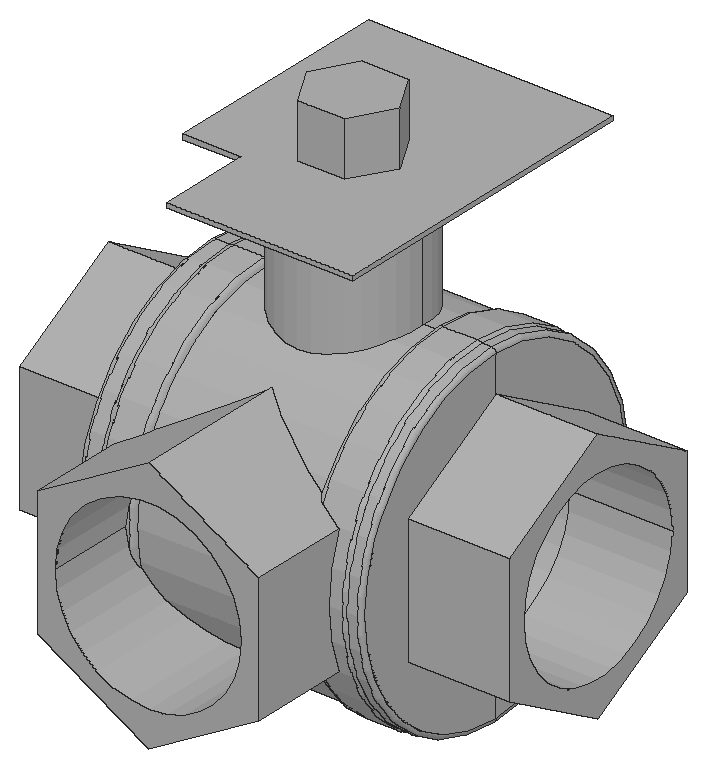
Revit family "CIM861T0000", category Apparecchi idraulici, Revit 2020
Family settings
  Quota connettore circolare = Usa diametro
  Tipo di parte = Normale
  Numero OmniClass = 23.45.00.00
  Titolo OmniClass = Sanitary, Laundry, and Cleaning Equipment
  Basato su piano di lavoro = No
  Sempre verticale = Sì
  Taglio con vuoti quando caricato = No
  Condiviso = No
  Punto di calcolo locali = No
Parameters
  URL = "https://web.cimberio.com/index.php/figura/1601?subcategoria_id="
  Temperatura di esercizio = "-20 ÷ 120°C"
  Prospetto di default = 0 mm
  Produttore = "CIMBERIO SPA"
  Pressione nominale = "PN 30 (1/4\" ÷ 3/4\"); PN 20 (1\" ÷ 1\"1/4); PN 16 (1\"1/2 ÷ 2\")"
  Modello = "Cim 861T"
  Materiale = "Prodotto in lega di ottone conforme alla norma EN 12165-CW617N-DW"
  Descrizione = "Realizzato in ottemperanza ai requisiti gestionali della norma EN ISO 9001.\r\nUtilizzato per la regolazione della temperatura degli ambienti e comandare apparecchi degli impianti di riscaldamento e condizionamento."
  DN Model [instance] = CIM861T1040 : CIM861T1040
  DN [instance] = 40 mm
  Commenti sul tipo = "Utilizzato nei più svariati settori dell'impiantistica: impianti di riscaldamento, condizionamento, idrici, igienico-sanitari, aria compressa e in generale con ogni fluido non corrosivo. Particolarmente indicato come valvola di zona per la regolazione e contabilizzazione di impianti di riscaldamento singoli o a zone, impianti con utilizzazione di energie alternative, impianti con fluidi caldi o freddi e impianti di automazione in genere"
Reference planes
  plane 1 "Centro (Fronte/Retro)": y = 0
  plane 2: z = 0
  plane 3 "Centro (Sinistra/Destra)": x = 0
Dimensions and locks
  aligned and locked: level to plane 2
Nested families
  nested 1: "CIM861T1040" at (0, 0, 0), type <- "DN Model", type "CIM861T1040"
  nested 2: "CIM861T1040" at (0, 0, 0), type <- "DN Model", type "CIM861T1040"
  nested 3: "CIM861T1040" at (0, 0, 0), type <- "DN Model", type "CIM861T1040"
  nested 4: "CIM861T1040" at (0, 0, 0), type <- "DN Model", type "CIM861T1040"
  nested 5: "CIM861T1040" at (0, 0, 0), type <- "DN Model", type "CIM861T1040"
  nested 6: "CIM861T1040" at (0, 0, 0), type <- "DN Model", type "CIM861T1040"
  nested 7: "CIM861T1040" at (0, 0, 0), type <- "DN Model", type "CIM861T1040"
  nested 8: "CIM861T1040" at (0, 0, 0), type <- "DN Model", type "CIM861T1040"
Connectors
  piping at (52.644, 0, 0), diameter 40, driven by "DN"
    settings: on nested 1, index 1, connector inside diameter 609.6 mm, connector length 0 mm, flow factor 0, pipe flow 0.0 L/s, pressure drop 0.0 Pa, fitting loss kfactor 0, connector angle 0.00°, fixture units 0, engagement length 0 mm, angle of deflection 0.00°, flow configuration 0, flow direction 0, fitting loss method 0, system type 7, joint type 0, gender type 0, connector reference index -1, connector utility 0, adjustable connector no, is connector primary yes, connector description ""
  piping at (0, -55.091, 0), diameter 40, driven by "DN"
    settings: on nested 1, index 2, connector inside diameter 609.6 mm, connector length 0 mm, flow factor 0, pipe flow 0.0 L/s, pressure drop 0.0 Pa, fitting loss kfactor 0, connector angle 0.00°, fixture units 0, engagement length 0 mm, angle of deflection 0.00°, flow configuration 0, flow direction 0, fitting loss method 0, system type 7, joint type 0, gender type 0, connector reference index -1, connector utility 0, adjustable connector no, is connector primary no, connector description ""
  piping at (-52.644, 0, 0), diameter 40, driven by "DN"
    settings: on nested 1, index 3, connector inside diameter 609.6 mm, connector length 0 mm, flow factor 0, pipe flow 0.0 L/s, pressure drop 0.0 Pa, fitting loss kfactor 0, connector angle 0.00°, fixture units 0, engagement length 0 mm, angle of deflection 0.00°, flow configuration 0, flow direction 0, fitting loss method 0, system type 7, joint type 0, gender type 0, connector reference index -1, connector utility 0, adjustable connector no, is connector primary no, connector description ""
Definition of nested family "CIM861T1040"
  Parameters (values of type "CIM861L1040")
    Default Elevation = 0 mm
  Reference planes
    plane 1 "Centro (Fronte/Retro)": y = 0
    plane 2: z = 0
    plane 3 "Centro (Sinistra/Destra)": x = 0
  Forms (mm)
    Extrusion 1, solid
      sketch origin (0, 0, 5) x (1, 0, 0) y (0, 1, 0)
        loop
          circle (0, 0) r 15
        loop
          circle (0, 0) r 10
      from 17.617 to 57.561
    Extrusion 2, solid
      sketch origin (0, 0, 5) x (1, 0, 0) y (0, 1, 0)
        loop
          line (10, 0) -> (5, 8.66) -> (-5, 8.66) -> (-10, 0) -> (-5, -8.66) -> (5, -8.66) -> (10, 0)
      from 58.6 to 70.203
    Revolve 3, solid
      sketch origin (0, 0, 0) x (1, 0, 0) y (0, 0, 1)
        loop
          line (-30.688, 22.206) -> (30.688, 22.206) -> (30.688, 35.155)
          arc (30.688, 35.155) -> (30.397, 35.86) -> (29.692, 36.153) r 0.998
          line (29.692, 36.153) -> (27.628, 36.153) -> (26.696, 36.402) -> (19.272, 36.402)
          arc (19.272, 36.402) -> (18.523, 36.092) -> (18.213, 35.344) r 1.058
          line (18.213, 35.344) -> (-18.213, 35.344)
          arc (-18.213, 35.344) -> (-18.562, 35.977) -> (-19.148, 36.402) r 1.659
          line (-19.148, 36.402) -> (-25.765, 36.402) -> (-26.696, 36.153) -> (-29.69, 36.153)
          arc (-29.69, 36.153) -> (-30.396, 35.86) -> (-30.688, 35.155) r 0.998
          line (-30.688, 35.155) -> (-30.688, 22.206)
        axis (-30.688, 0) -> (30.688, 0)
      angle from 0 to 360
    Extrusion 4, solid
      sketch origin (-30.688, 0, 0) x (0, 0, 1) y (0, 1, 0)
        loop
          circle (0, 0) r 20
        loop
          line (-27.5, 0) -> (-13.75, -23.816) -> (13.75, -23.816) -> (27.5, 0) -> (13.75, 23.816) -> (-13.75, 23.816) -> (-27.5, 0)
      from 0 to 21.956
    Extrusion 5, solid
      sketch origin (30.688, 0, 0) x (0, 0, 1) y (0, -1, 0)
        loop
          circle (0, 0) r 20
        loop
          line (-27.5, 0) -> (-13.75, -23.816) -> (13.75, -23.816) -> (27.5, 0) -> (13.75, 23.816) -> (-13.75, 23.816) -> (-27.5, 0)
      from 0 to 21.956
    Extrusion 6, solid
      sketch origin (0, -69.357, 0) x (0, 0, 1) y (1, 0, 0)
        loop
          circle (0, 0) r 20
        loop
          line (-27.5, 0) -> (-13.75, -23.816) -> (13.75, -23.816) -> (27.5, 0) -> (13.75, 23.816) -> (-13.75, 23.816) -> (-27.5, 0)
      from 14.266 to 64.357
    Extrusion 7, solid
      sketch origin (0, 0, 0) x (1, 0, 0) y (0, 1, 0)
        loop
          line (26.696, 36.402) -> (-25.765, 36.402) -> (-25.765, -13.598) -> (-13.304, -13.598) -> (-13.304, -33.598) -> (26.696, -33.598) -> (26.696, 36.402)
      from 62.561 to 63.6
  Dimensions and locks
    aligned and locked: level to plane 2
